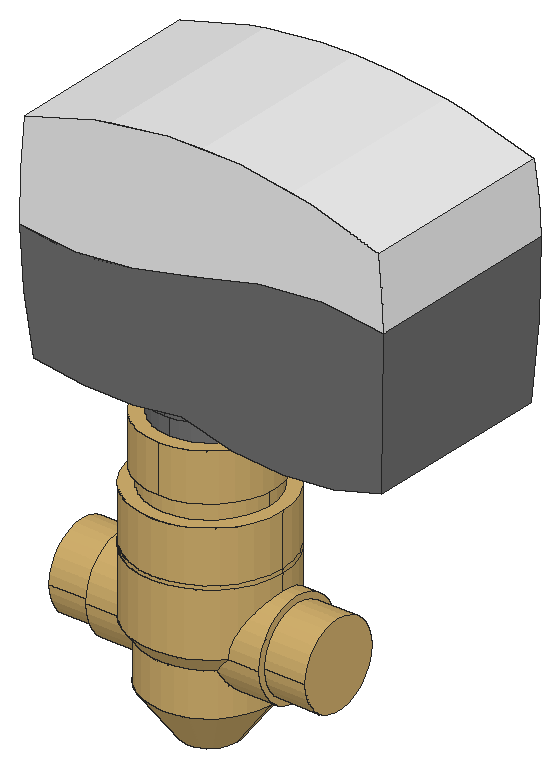
Revit family "VZ2_DN15-20_AMV(E) 130_140 (X)_RFA_1", category Pipe Accessories, Revit 2019
Family settings
  Round Connector Dimension = Use Diameter
  Part Type = Valve - Breaks Into
  OmniClass Number = 23.65.55.17.17
  OmniClass Title = Adjusting/Controlling Valves for Gas Supplies
  Work Plane-Based = No
  Always vertical = Yes
  Cut with Voids When Loaded = No
  Shared = No
Parameters (values of type "VZ2_DN15_Kvs0.25_065Z5310")
  W = 49.9 mm  # constant formula
  Voltage = if(or(Actuator Type = [082H0050], Actuator Type = [082H8037], Actuator Type = [082H8039]), 230 V, 24 V)  # 24 V
  Power = if(or(Actuator Type = [082H8044], Actuator Type = [082H8045]), 1.3 VA, if(or(Actuator Type = [082H8065]), 1.5 VA, if(or(Actuator Type = [082H0050], Actuator Type = [082H8037], Actuator Type = [082H8039]), 8 VA, 1 VA)))  # 1.3 VA
  H4 = 11.5 mm
  H2 = 4 mm
  Weight = 0.38 kg
  Valve Body Material = Danfoss Brass (DZR)
  URL = "https://store.danfoss.com/en/Climate-Solutions-for-heating/Motorised-Control-Valves-/Globe-Valves/Valves-for-Terminal-%26-Zone/c/4107?q=%3Arelevance%3Adanfoss_producttypehierarchydesc%3A4d4ddb31d7eceed1eea2a37fdf8a7ce36db6f5f4&page=0&pageSize=10"
  Stroke = "5.5 mm"  # constant formula
  RB2 = 7 mm
  RB1 = 15.5 mm
  R4 = 18.5 mm
  R3 = 18.5 mm
  R2 = 12 mm
  R1 = 10.5 mm
  Pressure Drop [instance] = 0.0 bar
  Nominal Pressure = "PN 16"  # constant formula
  Model Type = "VZ2_DN15_Kvs0.25"
  Model = "065Z5310"
  Min Medium Temperature = "2°C"  # constant formula
  Max Operating Pressure = "1 bar"  # constant formula
  Max Medium Temperature = "120°C"  # constant formula
  Max Differential Pressure = "3.5 bar"
  Manufacturer = "Danfoss"  # constant formula
  LOD 350 = not(LOD 200)  # yes
  LOD 200 = no
  L1 = 10.5 mm
  L = 65 mm
  Kvs = 0.25 m³/h
  IfcExportType = "VZ2"  # constant formula
  IfcExportAs = "IfcValveType"  # constant formula
  Ha [instance] = 122.8 mm
  H3 = 30 mm
  H1 = 15 mm
  H [instance] = 149.3 mm
  Flow [instance] = 0.0 m³/h
  E1 = 17 mm
  Description = "Motorized Control Valve"  # constant formula
  D1 = R2 * 2  # 24 mm
  D = 15 mm
  Connection = "External Thread"  # constant formula
  Actuator Type = AMV(E) 130_140 (X)_RFA : AME 130_24V_1.5m_082H8044
  082H8065 = AMV(E) 130_140 (X)_RFA : AME 140 X_24V_1.5m_082H8065
  082H8045 = AMV(E) 130_140 (X)_RFA : AME 140_24V_1.5m_082H8045
  082H8044 = AMV(E) 130_140 (X)_RFA : AME 130_24V_1.5m_082H8044
  082H8039 = AMV(E) 130_140 (X)_RFA : AMV 140_230V_1.5m_082H8039
  082H8037 = AMV(E) 130_140 (X)_RFA : AMV 130_230V_1.5m_082H8037
  082H0050 = AMV(E) 130_140 (X)_RFA : AMV 130_230V_0.5m_IP_082H0050
Types (9, lengths in mm): name | H4 | H2 | Weight | RB2 | R4 | R2 | R1 | Model Type | Model | Max Differential Pressure | L1 | L | Kvs | Ha | H1 | H | E1 | D1 | D
  (no name) | 11.5 | 4 | 0.38 kg | 7 | 18.5 | 12 | 10.5 | "VZ2_DN15_Kvs0.25" | "065Z5310" | "3.5 bar" | 10.5 | 65 | 0.25 m³/h | 122.8 | 15 | 149.3 | 17 | 24 | 15
  VZ2_DN15_Kvs0.4_065Z5311 | 11.5 | 4 | 0.38 kg | 7 | 18.5 | 12 | 10.5 | "VZ2_DN15_Kvs0.4" | "065Z5311" | "3.5 bar" | 10.5 | 65 | 0.4 m³/h | 124.6 | 15 | 151.1 | 17 | 24 | 15
  VZ2_DN15_Kvs0.63_065Z5312 | 11.5 | 4 | 0.38 kg | 7 | 18.5 | 12 | 10.5 | "VZ2_DN15_Kvs0.63" | "065Z5312" | "3.5 bar" | 10.5 | 65 | 0.63 m³/h | 124.6 | 15 | 151.1 | 17 | 24 | 15
  VZ2_DN15_Kvs1.6_065Z5314 | 11.5 | 4 | 0.38 kg | 7 | 18.5 | 12 | 10.5 | "VZ2_DN15_Kvs1.6" | "065Z5314" | "3.5 bar" | 10.5 | 65 | 1.6 m³/h | 124.6 | 15 | 151.1 | 17 | 24 | 15
  VZ2_DN15_Kvs2.5_065Z5315 | 11.5 | 4 | 0.38 kg | 7 | 18.5 | 12 | 10.5 | "VZ2_DN15_Kvs2.5" | "065Z5315" | "3.5 bar" | 10.5 | 65 | 2.5 m³/h | 124.6 | 15 | 151.1 | 17 | 24 | 15
  VZ2_DN15_Kvs0.25_065Z5310 | 11.5 | 4 | 0.38 kg | 7 | 18.5 | 12 | 10.5 | "VZ2_DN15_Kvs0.25" | "065Z5310" | "3.5 bar" | 10.5 | 65 | 0.25 m³/h | 122.8 | 15 | 149.3 | 17 | 24 | 15
  VZ2_DN15_Kvs1.0_065Z5313 | 11.5 | 4 | 0.38 kg | 7 | 18.5 | 12 | 10.5 | "VZ2_DN15_Kvs1.0" | "065Z5313" | "3.5 bar" | 10.5 | 65 | 1.0 m³/h | 124.6 | 15 | 151.1 | 17 | 24 | 15
  VZ2_DN20_Kvs4.0_065Z5321 | 5.5 | 8.8 | 0.49 kg | 10 | 22.1 | 17.5 | 13.2 | "VZ2_DN20_Kvs4.0" | "065Z5321" | "2.5 bar" | 11.5 | 77 | 4.0 m³/h | 124.6 | 21 | 151.1 | 21 | 35 | 20
  VZ2_DN20_Kvs2.5_065Z5320 | 5.5 | 8.8 | 0.49 kg | 10 | 22.067 | 17.5 | 13.2 | "VZ2_DN20_Kvs2.5" | "065Z5320" | "2.5 bar" | 11.5 | 77 | 2.5 m³/h | 124.6 | 21 | 151.1 | 21 | 35 | 20
Reference planes
  plane 1 "Center (Front/Back)": y = 0
  plane 2: z = 0
  plane 3 "Center (Left/Right)": x = 0
  plane 4: z = -15
  plane 5: x = -32.5
  plane 6: x = 32.5
  plane 7: x = -22
  plane 8: x = 22
  plane 9: z = 30
  plane 10: z = 40
  plane 11: z = -26.5
  plane 12: z = 16
  plane 13: z = -4
  plane 14: y = -24.95
  plane 15: y = 24.95
Forms (mm)
  Extrusion 1, solid, material "Danfoss Brass (DZR)" <- "Valve Body Material", visible <- "LOD 350", detail levels fine
    sketch origin (0, 0, 0) x (0, 1, 0) y (0, 0, 1)
      loop
        circle (0, 0) r 10.5
    from 22 to 32.5
  Extrusion 2, solid, material "Danfoss Brass (DZR)" <- "Valve Body Material", visible <- "LOD 350", detail levels fine
    sketch origin (0, 0, 0) x (0, 1, 0) y (0, 0, 1)
      loop
        circle (0, 0) r 10.5
    from -32.5 to -22
  Extrusion 3, solid, material "Danfoss Brass (DZR)" <- "Valve Body Material", visible <- "LOD 350", detail levels fine
    sketch origin (0, 0, 0) x (0, 1, 0) y (0, 0, 1)
      loop
        circle (0, 0) r 12
    from -22 to 22
  Extrusion 4, solid, material "Danfoss Brass (DZR)" <- "Valve Body Material", visible <- "LOD 350", detail levels fine
    sketch origin (0, 0, 0) x (1, 0, 0) y (0, 1, 0)
      loop
        circle (0, 0) r 15.5
    from -15 to -4
  Extrusion 5, solid, material "Danfoss Brass (DZR)" <- "Valve Body Material", visible <- "LOD 350", detail levels fine
    sketch origin (0, 0, 0) x (1, 0, 0) y (0, 1, 0)
      loop
        circle (0, 0) r 18.5
    from 17 <- "E1" to 30
  Extrusion 6, solid, material "Danfoss Brass (DZR)" <- "Valve Body Material", visible <- "LOD 200", detail levels fine
    sketch origin (0, 0, 0) x (0, 1, 0) y (0, 0, 1)
      loop
        circle (0, 0) r 12
    from -32.5 to 32.5
  Extrusion 7, solid, material "Danfoss Brass (DZR)" <- "Valve Body Material", visible <- "LOD 200", detail levels fine
    sketch origin (0, 0, 0) x (1, 0, 0) y (0, 1, 0)
      loop
        circle (0, 0) r 18.5
    from -15 to 40
  Blend 8, solid, material "Danfoss Brass (DZR)" <- "Valve Body Material", detail levels fine
    base sketch origin (0, 0, 0) x (1, 0, 0) y (0, 1, 0)
      loop
        circle (0, 0) r 15.5
    top sketch origin (0, 0, 0) x (1, 0, 0) y (0, 1, 0)
      loop
        circle (0, 0) r 7
    from -15 to -26.5
  Extrusion 9, solid, material "Danfoss Brass (DZR)" <- "Valve Body Material", visible <- "LOD 350", detail levels fine
    sketch origin (0, 0, 0) x (1, 0, 0) y (0, 1, 0)
      loop
        circle (0, 0) r 18.5
    from 0 to 16
  Blend 10, solid, material "Danfoss Brass (DZR)" <- "Valve Body Material", visible <- "LOD 350", detail levels fine
    base sketch origin (0, 0, 0) x (1, 0, 0) y (0, 1, 0)
      loop
        circle (0, 0) r 18.5
    top sketch origin (0, 0, 0) x (1, 0, 0) y (0, 1, 0)
      loop
        circle (0, 0) r 18.5
    from 16 to 17 <- "E1"
  Blend 11, solid, material "Danfoss Brass (DZR)" <- "Valve Body Material", visible <- "LOD 350", detail levels fine
    base sketch origin (0, 0, 0) x (1, 0, 0) y (0, 1, 0)
      loop
        circle (0, 0) r 15.5
    top sketch origin (0, 0, 0) x (1, 0, 0) y (0, 1, 0)
      loop
        circle (0, 0) r 18.5
    from -4 to 0
  Revolve 12, solid, material "Danfoss Brass (DZR)" <- "Valve Body Material", visible <- "LOD 350", detail levels fine
    sketch origin (0, 0, 0) x (1, 0, 0) y (0, 0, 1)
      loop
        line (0, 40) -> (0, 30) -> (15, 30) -> (15, 40) -> (0, 40)
      axis (0, 30) -> (0, 40)
    angle from 0 to 360
Dimensions and locks
  "H1": level to plane 4
  "H3": plane 9 to level
  "L": plane 6 to plane 5
  "L1": plane 7 to plane 5
  "L1": plane 6 to plane 8
  equal spacing: plane 6, plane 3 "Center (Left/Right)", plane 5
  locked: plane 10 to plane 9 at 10
  "H4": plane 4 to plane 11
  "H2": level to plane 13
  level to plane 11 = 26.5 mm
  Revolve 12 sketch curve to Revolve 12 sketch curve = 15 mm
  locked: plane 12 to level at 16
  equal spacing: plane 14, plane 1 "Center (Front/Back)", plane 15
  "W": plane 14 to plane 15
  locked: plane 10 to nested 2 at 5.6
  "Ha": nested 2 to plane 2
  "H": nested 2 to plane 11
  "R1": radius of Extrusion 1 sketch curve
  "R1": radius of Extrusion 2 sketch curve
  "R2": radius of Extrusion 3 sketch curve
  "RB1": radius of Extrusion 4 sketch curve
  "R3": radius of Extrusion 5 sketch curve
  "R2": radius of Extrusion 6 sketch curve
  "R3": radius of Extrusion 7 sketch curve
  "RB1": radius of Blend 8 sketch curve
  "RB2": radius of Blend 8 sketch curve
  "R4": radius of Extrusion 9 sketch curve
  "R4": radius of Blend 10 sketch curve
  "R3": radius of Blend 10 sketch curve
  "RB1": radius of Blend 11 sketch curve
  "R4": radius of Blend 11 sketch curve
  aligned and locked: level to plane 2
  aligned and locked: plane 1 "Center (Front/Back)" to Extrusion 1 sketch curve
  aligned and locked: level to Extrusion 1 sketch curve
  aligned and locked: plane 6 to Extrusion 1
  aligned and locked: Extrusion 1 to plane 8
  aligned and locked: plane 1 "Center (Front/Back)" to Extrusion 2 sketch curve
  aligned and locked: level to Extrusion 2 sketch curve
  aligned and locked: Extrusion 2 to plane 5
  aligned and locked: plane 7 to Extrusion 2
  aligned and locked: plane 1 "Center (Front/Back)" to Extrusion 3 sketch curve
  aligned and locked: level to Extrusion 3 sketch curve
  aligned and locked: Extrusion 3 to plane 7
  aligned and locked: plane 8 to Extrusion 3
  aligned and locked: plane 3 "Center (Left/Right)" to Extrusion 4 sketch curve
  aligned and locked: plane 1 "Center (Front/Back)" to Extrusion 4 sketch curve
  aligned and locked: Extrusion 4 to plane 4
  aligned and locked: plane 3 "Center (Left/Right)" to Extrusion 5 sketch curve
  aligned and locked: plane 1 "Center (Front/Back)" to Extrusion 5 sketch curve
  aligned and locked: plane 9 to Extrusion 5
  aligned and locked: plane 1 "Center (Front/Back)" to Extrusion 6 sketch curve
  aligned and locked: level to Extrusion 6 sketch curve
  aligned and locked: Extrusion 6 to plane 5
  aligned and locked: plane 6 to Extrusion 6
  aligned and locked: plane 3 "Center (Left/Right)" to Extrusion 7 sketch curve
  aligned and locked: plane 1 "Center (Front/Back)" to Extrusion 7 sketch curve
  aligned and locked: Extrusion 7 to plane 4
  aligned and locked: plane 10 to Extrusion 7
  aligned and locked: plane 3 "Center (Left/Right)" to nested 1
  aligned and locked: plane 1 "Center (Front/Back)" to nested 1
  aligned and locked: plane 4 to Blend 8
  aligned and locked: Blend 8 to plane 11
  aligned and locked: plane 12 to Extrusion 9
  aligned and locked: Blend 10 to plane 12
  aligned and locked: level to Blend 11
  aligned and locked: Blend 11 to plane 13
  aligned and locked: plane 13 to Extrusion 4
  aligned and locked: Revolve 12 sketch curve to plane 3 "Center (Left/Right)"
  aligned and locked: Revolve 12 sketch curve to plane 10
  aligned and locked: Revolve 12 sketch curve to plane 9
  aligned and locked: Extrusion 9 to Revolve 12 sketch curve
  aligned and locked: plane 3 "Center (Left/Right)" to Revolve 12 sketch curve
  aligned and locked: nested 2 to plane 1 "Center (Front/Back)"
Automatic sketch dimensions
  plane 10 to Revolve 12 sketch curve = 4.73 mm
  plane 1 "Center (Front/Back)" to Blend 8 sketch curve = 0 mm  (x2)
  Blend 8 sketch curve to plane 3 "Center (Left/Right)" = 0 mm  (x2)
  plane 1 "Center (Front/Back)" to Extrusion 9 sketch curve = 0 mm
  Extrusion 9 sketch curve to plane 3 "Center (Left/Right)" = 0 mm
  plane 1 "Center (Front/Back)" to Blend 10 sketch curve = 0 mm  (x2)
  Blend 10 sketch curve to plane 3 "Center (Left/Right)" = 0 mm  (x2)
  plane 1 "Center (Front/Back)" to Blend 11 sketch curve = 0 mm  (x2)
  Blend 11 sketch curve to plane 3 "Center (Left/Right)" = 0 mm  (x2)
Nested families
  nested 1: "Schematic_2-Way Valve" at (0, 0, 0), type "Schematic_2-Way Valve", detail levels coarse+medium
  nested 2: "AMV(E) 130_140 (X)_RFA" at (0, 0, 34.4) x (0, 1, 0) z (0, 0, 1), LOD 200 <- "LOD 200", Voltage <- "Voltage", Power <- "Power", type <- "Actuator Type", type "AME 130_24V_1.5m_082H8044", detail levels fine
    with Voltage 24 V, Power 1.3 VA, LOD 350 yes, LOD 200 no
Connectors
  piping at (32.5, 0, 0), diameter 15, driven by "D", driven by "Flow"
    settings: on Extrusion 1, index 1, connector inside diameter 609.6 mm, connector length 0 mm, flow factor 0, pipe flow 0.0 m³/h, pressure drop 0.0 bar, fitting loss kfactor 0, connector angle 0.00°, fixture units 0, engagement length 0 mm, angle of deflection 0.00°, flow configuration 0, flow direction 2, fitting loss method 0, system type 29, joint type 0, gender type 0, connector reference index 2, connector utility 0, adjustable connector no, is connector primary no, connector description ""
  piping at (-32.5, 0, 0), diameter 15, driven by "D", driven by "Flow"
    settings: on Extrusion 2, index 2, connector inside diameter 609.6 mm, connector length 0 mm, flow factor 0, pipe flow 0.0 m³/h, pressure drop 0.0 bar, fitting loss kfactor 0, connector angle 0.00°, fixture units 0, engagement length 0 mm, angle of deflection 0.00°, flow configuration 0, flow direction 1, fitting loss method 0, system type 29, joint type 0, gender type 0, connector reference index 1, connector utility 0, adjustable connector no, is connector primary yes, connector description ""
  electrical at (0, 0, 0), driven by "Voltage", driven by "Power"
    settings: index 6, voltage 24 V, apparent load 0 VA, apparent load phase1 1.3 VA, apparent load phase2 0 VA, apparent load phase3 0 VA, power factor 0.95, load classification "HVAC", number of poles 1, system type 31, power factor state 1, is connector primary yes, connector utility no, sub classification motor no, connector description ""
Definition of nested family "AMV(E) 130_140 (X)_RFA"
  Parameters (values of type "AME 130_24V_1.5m_082H8044")
    Weight = 0.30 kg  # constant formula
    W3 = 28.8 mm
    W2 = 26 mm
    W1 = 33 mm
    W [instance] = 50 mm
    Voltage [instance] = 24 V
    URL = "https://store.danfoss.com/en/Climate-Solutions-for-heating/Motorised-Control-Valves/Actuators-for-Globe-Valves/Actuators-Without-Safety-Function/c/4109?q=%3Arelevance%3Adanfoss_producttypehierarchydesc%3AAME+130%3Adanfoss_producttypehierarchydesc%3AAME+140%3Adanfoss_producttypehierarchydesc%3AAMV+130%3Adanfoss_producttypehierarchydesc%3AAMV+140%3Adanfoss_producttypehierarchydesc%3AAME+140+X&text="
    Type Comments = ""
    Speed = "24 s/mm"
    Safety Function = "No"  # constant formula
    Power Supply = "24 V"
    Power Consumption = "1.3 W"
    Power [instance] = 1.3 VA
    Output Signal = "NA"
    Model Type = "AME 130_24V_1.5m"
    Model = "082H8044"
    Min Ambient Temperature = "0 °C"  # constant formula
    Max Stroke = 5.5 mm  # constant formula
    Max Medium Temperature = "130 °C"  # constant formula
    Max Ambient Temperature = "55 °C"  # constant formula
    Manufacturer = "Danfoss"  # constant formula
    LOD 350 [instance] = not(LOD 200)  # yes
    LOD 200 [instance] = no
    L1 = 28.4 mm
    L [instance] = 92.4 mm
    IfcExportType = "AME 130"
    IfcExportAs = "IfcActuatorType"  # constant formula
    H1 = 12 mm
    H [instance] = 88.4 mm
    Description = "Gear Actuator"  # constant formula
    Control Input Signal = "0-10 V / 0-20 mA"
    Closing Force = "200 N"  # constant formula
    Cable Length = 1500 mm
    Body Material = none
  Types (12, lengths in mm): name | Voltage | Speed | Power Supply | Power Consumption | Power | Output Signal | Model Type | Model | IfcExportType | Control Input Signal | Cable Length
    AME 130_24V_1.5m_082H8044 | 24 V | "24 s/mm" | "24 V" | "1.3 W" | 1.3 VA | "NA" | "AME 130_24V_1.5m" | "082H8044" | "AME 130" | "0-10 V / 0-20 mA" | 1500
    AME 140_24V_1.5m_082H8045 | 24 V | "12 s/mm" | "24 V" | "1.3 W" | 1.3 VA | "NA" | "AME 140_24V_1.5m" | "082H8045" | "AME 140" | "0-10 V / 0-20 mA" | 1500
    AMV 130_230V_0.5m_IP_082H0050 | 230 V | "24 s/mm" | "230 V" | "8 W" | 8 VA | "NA" | "AMV 130_230V_0.5m_IP" | "082H0050" | "AMV 130" | "3-point" | 500
    AMV 130_24V_1.5m_082H8036 | 24 V | "24 s/mm" | "24 V" | "1 W" | 1 VA | "NA" | "AMV 130_24V_1.5m" | "082H8036" | "AMV 130" | "3-point" | 1500
    AMV 130_230V_1.5m_082H8037 | 230 V | "24 s/mm" | "230 V" | "8 W" | 8 VA | "NA" | "AMV 130_230V_1.5m" | "082H8037" | "AMV 130" | "3-point" | 1500
    AMV 130_24V_5m_082H8068 | 24 V | "24 s/mm" | "24 V" | "1 W" | 1 VA | "NA" | "AMV 130_24V_5m" | "082H8068" | "AMV 130" | "3-point" | 5000
    AMV 130_24V_10m_082H8070 | 24 V | "24 s/mm" | "24 V" | "1 W" | 1 VA | "NA" | "AMV 130_24V_10m" | "082H8070" | "AMV 130" | "3-point" | 10000
    AMV 140_24V_1.5m_082H8038 | 24 V | "12 s/mm" | "24 V" | "1 W" | 1 VA | "NA" | "AMV 140_24V_1.5m" | "082H8038" | "AMV 140" | "3-point" | 1500
    AMV 140_230V_1.5m_082H8039 | 230 V | "12 s/mm" | "230 V" | "8 W" | 8 VA | "NA" | "AMV 140_230V_1.5m" | "082H8039" | "AMV 140" | "3-point" | 1500
    AMV 140_24V_5m_082H8069 | 24 V | "12 s/mm" | "24 V" | "1 W" | 1 VA | "NA" | "AMV 140_24V_5m" | "082H8069" | "AMV 140" | "3-point" | 5000
    AMV 140_24V_10m_082H8071 | 24 V | "12 s/mm" | "24 V" | "1 W" | 1 VA | "NA" | "AMV 140_24V_10m" | "082H8071" | "AMV 140" | "3-point" | 10000
    AME 140 X_24V_1.5m_082H8065 | 24 V | "12 s/mm" | "24 V" | "1.5 W" | 1.5 VA | "0-10 V" | "AME 140 X_24V_1.5m" | "082H8065" | "AME 140 X" | "0-10 V / 0-20 mA" | 1500
  Reference planes
    plane 1 "Center (Front/Back)": y = 0
    plane 2: z = 0
    plane 3 "Center (Left/Right)": x = 0
    plane 4: z = 12
    plane 5: y = -64
    plane 6: y = 28.4
    plane 7: z = 88.4
    plane 8: x = 25
    plane 9: x = -25
    plane 10: x = -16.5
    plane 11: x = 16.5
    plane 12: z = 32
    plane 13: x = -13
    plane 14: x = 13
    plane 15: x = -14.4
    plane 16: x = 14.4
    plane 17 "Plane Bottom": z = 17.2
    plane 18: y = 25.9
    plane 19: y = 27.4
    plane 20: z = 80.4
    plane 21: y = -62.5
    plane 22: z = 23.2
    plane 23: z = 25.4
    plane 24: z = 55.5
    plane 25: z = 63
    plane 26: z = 64.5
    plane 27: z = 54
    plane 28: z = 20.7
    plane 29: y = -26
    plane 30: y = -38.5
    plane 31: z = 86.9
    plane 32: x = -24.5
    plane 33: x = 24.5
    plane 34: x = -23.5
    plane 35: x = 23.5
    plane 36: x = -27
    plane 37: x = 27
    plane 38: y = 27.9
    plane 39: x = -22.5
    plane 40: y = -63.5
    plane 41: x = 22.5
  Forms (mm)
    Extrusion 1, solid, detail levels fine
      sketch origin (0, 0, 0) x (1, 0, 0) y (0, 1, 0)
        loop
          circle (0, 0) r 16.5
      from 0 to 12
    Revolve 2, solid, visible <- "LOD 350", detail levels fine
      sketch origin (0, 0, 0) x (1, 0, 0) y (0, 0, 1)
        loop
          line (-14.4, 17.2) -> (-13, 17.2) -> (-13, 12) -> (0, 12) -> (0, 32) -> (-14.4, 32) -> (-14.4, 17.2)
        axis (0, 32) -> (0, 12)
      angle from 0 to 360
    Extrusion 3, solid, visible <- "LOD 350", detail levels fine
      sketch origin (0, 0, 0) x (0, 1, 0) y (0, 0, 1)
        loop
          arc (-64, 63) -> (-63.628, 44.185) -> (-62.5, 25.4) r 467.805
          arc (-62.5, 25.4) -> (-37.155, 20.685) -> (-11.757, 25.101) r 72.777
          arc (-11.757, 25.101) -> (7.088, 23.201) -> (25.9, 25.4) r 87.494
          arc (25.9, 25.4) -> (27.789, 40.397) -> (28.4, 55.5) r 178.069
          arc (28.4, 55.5) -> (14.2, 54) -> (0, 55.5) r 67.953
          arc (0, 55.5) -> (-16.037, 59.092) -> (-31.999, 63) r 834.074
          arc (-31.999, 63) -> (-48, 64.5) -> (-64, 63) r 86.072
      from -27 to 27
    Extrusion 4, solid, material <- "Body Material", visible <- "LOD 350", detail levels fine
      sketch origin (0, 0, 0) x (0, 1, 0) y (0, 0, 1)
        loop
          arc (-62.5, 80.4) -> (-63.467, 71.719) -> (-64, 63) r 175.37
          arc (-64, 63) -> (-48, 64.5) -> (-31.999, 63) r 86.072
          arc (-31.999, 63) -> (-16.037, 59.092) -> (0, 55.5) r 834.074
          arc (0, 55.5) -> (14.2, 54) -> (28.4, 55.5) r 67.953
          arc (28.4, 55.5) -> (28.204, 67.962) -> (27.4, 80.4) r 255.314
          arc (27.4, 80.4) -> (-17.55, 88.505) -> (-62.5, 80.4) r 128.693
      from -27 to 27
    Extrusion 5, solid, visible <- "LOD 350", detail levels fine
      sketch origin (0, 0, 17.2) x (-1, 0, 0) y (0, -1, 0)
        loop
          line (-2.173, 26) -> (-2.173, 38.5) -> (-9.373, 38.5) -> (-9.373, 26) -> (-2.173, 26)
      from 0 to 8.2
    Extrusion 6, void
      sketch origin (0, 0, 0) x (1, 0, 0) y (0, 0, 1)
        loop
          line (-24.358, 89.4) -> (24.197, 89.4)
          arc (24.197, 89.4) -> (24.826, 53.28) -> (23.013, 17.2) r 534.228
          line (23.013, 17.2) -> (29.5, 17.2) -> (29.5, 93.4) -> (-30, 93.4) -> (-30, 17.2) -> (-23.022, 17.2)
          arc (-23.022, 17.2) -> (-24.911, 53.277) -> (-24.358, 89.4) r 534.166
      from -39.301 to 75.38
    Revolve 7, solid, visible <- "LOD 200", detail levels fine
      sketch origin (0, 0, 0) x (1, 0, 0) y (0, 0, 1)
        loop
          line (-13, 12) -> (0, 12) -> (0, 32) -> (-13, 32) -> (-13, 12)
        axis (0, 12) -> (0, 32)
      angle from 0 to 360
    Blend 8, solid, visible <- "LOD 200", detail levels fine
      base sketch origin (0, 0, 0) x (1, 0, 0) y (0, 1, 0)
        loop
          line (-23.667, -62.5) -> (23.5, -62.5) -> (23.5, 25.9) -> (-23.667, 25.9) -> (-23.667, -62.5)
      top sketch origin (0, 0, 0) x (1, 0, 0) y (0, 1, 0)
        loop
          line (-24.948, 28.4) -> (-24.948, -64) -> (24.898, -64) -> (24.898, 28.4) -> (-24.948, 28.4)
      from 25.4 to 63
    Blend 9, solid, material <- "Body Material", visible <- "LOD 200", detail levels fine
      base sketch origin (0, 0, 0) x (1, 0, 0) y (0, 1, 0)
        loop
          line (-24.948, 28.4) -> (-24.948, -64) -> (24.898, -64) -> (24.898, 28.4) -> (-24.948, 28.4)
      top sketch origin (0, 0, 0) x (1, 0, 0) y (0, 1, 0)
        loop
          line (-24.724, 27.4) -> (-24.724, -62.5) -> (24.582, -62.5) -> (24.582, 27.4) -> (-24.724, 27.4)
      from 63 to 88.4
  Cuts and joins
    Extrusion 6 cuts Extrusion 3
    Extrusion 6 cuts Extrusion 4
  Dimensions and locks
    plane 5 to plane 6 = 92.4 mm
    equal spacing: plane 8, plane 3 "Center (Left/Right)", plane 9
    "W": plane 8 to plane 9
    plane 7 to level = 88.4 mm
    "H1": plane 4 to level
    equal spacing: plane 11, plane 3 "Center (Left/Right)", plane 10
    "W1": plane 11 to plane 10
    equal spacing: plane 14, plane 3 "Center (Left/Right)", plane 13
    "W2": plane 14 to plane 13
    equal spacing: plane 16, plane 3 "Center (Left/Right)", plane 15
    "W3": plane 16 to plane 15
    "L1": plane 1 "Center (Front/Back)" to plane 6
    plane 12 to level = 32 mm
    plane 17 "Plane Bottom" to plane 4 = 5.2 mm
    plane 17 "Plane Bottom" to level = 17.2 mm
    Extrusion 5 sketch curve to Extrusion 5 sketch curve = 7.2 mm
    plane 37 to plane 3 "Center (Left/Right)" to plane 36 = 27 mm, 27 mm
    "L": plane 6 to plane 5
    "H": plane 7 to level
    diameter of Extrusion 1 sketch curve = 33 mm
    aligned and locked: level to plane 2
    aligned and locked: plane 4 to Extrusion 1
    aligned and locked: plane 15 to Revolve 2 sketch curve
    aligned and locked: Revolve 2 sketch curve to plane 12
    aligned and locked: Revolve 2 sketch curve to plane 17 "Plane Bottom"
    aligned and locked: Revolve 2 sketch curve to plane 13
    aligned and locked: Revolve 2 sketch curve to plane 4
    aligned and locked: plane 3 "Center (Left/Right)" to Revolve 2 sketch curve
    aligned and locked: Revolve 2 sketch curve to Revolve 2 sketch curve
    aligned and locked: Extrusion 5 sketch curve to plane 30
    aligned and locked: plane 29 to Extrusion 5 sketch curve
    aligned and locked: plane 23 to Extrusion 5
    aligned and locked: Extrusion 4 to plane 36
    aligned and locked: plane 37 to Extrusion 4
    aligned and locked: Extrusion 6 sketch curve to plane 17 "Plane Bottom"
    aligned and locked: Revolve 7 sketch curve to plane 4
    aligned and locked: Revolve 7 sketch curve to plane 13
    aligned and locked: Revolve 7 sketch curve to plane 3 "Center (Left/Right)"
    aligned and locked: Revolve 7 sketch curve to plane 12
    aligned and locked: Revolve 7 sketch curve to Revolve 7 sketch curve  (x2)
    aligned and locked: Blend 8 sketch curve to cut or joined group of Extrusion 3, Extrusion 6  (x4)
    aligned and locked: Blend 8 sketch curve to plane 18
    aligned and locked: Blend 8 sketch curve to plane 35
    aligned and locked: Blend 8 to plane 23
    aligned and locked: plane 25 to Blend 8
    aligned and locked: Blend 9 sketch curve to Blend 8  (x4)
    aligned and locked: Blend 9 sketch curve to cut or joined group of Extrusion 4, Extrusion 6  (x4)
    aligned and locked: Blend 9 to plane 25
    aligned and locked: plane 7 to Blend 9
  Automatic sketch dimensions
    plane 1 "Center (Front/Back)" to Extrusion 1 sketch curve = 0 mm
    Extrusion 1 sketch curve to plane 3 "Center (Left/Right)" = 0 mm
    Revolve 2 sketch curve to plane 4 = 0 mm
    Revolve 2 sketch curve to plane 12 = 0 mm
    Extrusion 3 sketch curve to plane 5 = 0 mm
    Extrusion 3 sketch curve to plane 21 = 0 mm
    Extrusion 3 sketch curve to plane 25 = 0 mm  (x2)
    Extrusion 3 sketch curve to plane 1 "Center (Front/Back)" = 0 mm  (x2)
    Extrusion 3 sketch curve to plane 18 = 0 mm
    Extrusion 3 sketch curve to plane 6 = 0 mm
    Extrusion 3 sketch curve to plane 23 = 0 mm  (x2)
    Extrusion 3 sketch curve to plane 24 = 0 mm  (x2)
    Extrusion 3 sketch curve to plane 24 = 0.364 mm
    Extrusion 3 sketch curve to plane 21 = 14.5 mm
    plane 7 to Extrusion 3 sketch curve = 5.06 mm
    Extrusion 3 sketch curve to plane 21 = 25.773 mm
    Extrusion 3 sketch curve to plane 1 "Center (Front/Back)" = 6.393 mm
    Extrusion 3 sketch curve to plane 6 = 145.895 mm
    Extrusion 3 sketch curve to plane 25 = 0.167 mm
    Extrusion 3 sketch curve to level = 21.572 mm
    Extrusion 3 sketch curve to Extrusion 3 sketch curve = 11.261 mm
    Extrusion 4 sketch curve to plane 5 = 0 mm
    Extrusion 4 sketch curve to plane 20 = 0 mm  (x2)
    Extrusion 4 sketch curve to plane 21 = 0 mm
    Extrusion 4 sketch curve to plane 19 = 0 mm
    Extrusion 4 sketch curve to plane 6 = 0 mm
    Extrusion 4 sketch curve to plane 24 = 0 mm  (x2)
    Extrusion 4 sketch curve to plane 25 = 0 mm  (x2)
    plane 24 to Extrusion 4 sketch curve = 2.217 mm
    plane 24 to Extrusion 4 sketch curve = 1.156 mm
    Extrusion 4 sketch curve to level = 40.188 mm
    Extrusion 4 sketch curve to plane 21 = 14.5 mm
    Extrusion 4 sketch curve to level = 21.572 mm
    Extrusion 4 sketch curve to plane 1 "Center (Front/Back)" = 0 mm  (x2)
    Extrusion 4 sketch curve to plane 6 = 145.895 mm
    plane 3 "Center (Left/Right)" to Extrusion 5 sketch curve = 2.173 mm
    plane 34 to Extrusion 6 sketch curve = 0.478 mm
    plane 35 to Extrusion 6 sketch curve = 0.487 mm
    Extrusion 6 sketch curve to plane 33 = 0.303 mm
    Extrusion 6 sketch curve to plane 25 = 0.963 mm
    plane 25 to Extrusion 6 sketch curve = 0.156 mm
    Extrusion 6 sketch curve to plane 28 = 3.5 mm
    plane 7 to Extrusion 6 sketch curve = 5 mm
    plane 8 to Extrusion 6 sketch curve = 4.5 mm
    Extrusion 6 sketch curve to plane 36 = 3 mm
    plane 32 to Extrusion 6 sketch curve = 0.142 mm
    plane 7 to Extrusion 6 sketch curve = 1 mm
    Revolve 7 sketch curve to plane 12 = 0 mm
    Blend 8 sketch curve to plane 5 = 0 mm
    Blend 8 sketch curve to plane 8 = 0.102 mm
Definition of nested family "Schematic_2-Way Valve"
  Parameters (values of type "Schematic_2-Way Valve")
    L_1 = L / 2  # 32.5 mm
    L = 65 mm
    H = L  # 65 mm
    D1 = 22 mm
  Reference planes
    plane 1 "Center (Front/Back)": y = 0
    plane 2: z = 0
    plane 3 "Center (Left/Right)": x = 0
    plane 4: z = 11
    plane 5: z = -11
    plane 6: x = -32.5
    plane 7: x = 32.5
    plane 8: x = 11
    plane 9: x = -11
    plane 10: y = 11
    plane 11: y = -11
    plane 12: z = 65
    plane 13: z = 32.5
    plane 14: x = 16.25
    plane 15: x = -16.25
    plane 16: y = 65
    plane 17: y = 32.5
  Lines and regions (mm)
    model lines
      curve 1: line (0, 0, 0) -> (32.5, 0, 11)
      curve 2: line (32.5, 0, 11) -> (32.5, 0, -11)
      curve 3: line (32.5, 0, -11) -> (0, 0, 0)
      curve 4: line (0, 0, 0) -> (-32.5, 0, 11)
      curve 5: line (-32.5, 0, 11) -> (-32.5, 0, -11)
      curve 6: line (-32.5, 0, -11) -> (0, 0, 0)
      curve 13: line (0, 0, 32.5) -> (0, 0, 0)
      curve 14: line (-16.25, 0, 65) -> (16.25, 0, 65)
      curve 15: line (-16.25, 0, 32.5) -> (-16.25, 0, 65)
      curve 16: line (16.25, 0, 32.5) -> (-16.25, 0, 32.5)
      curve 17: line (16.25, 0, 65) -> (16.25, 0, 32.5)
    symbolic lines
      curve 7: line (0, 0, 0) -> (32.5, 11, 0)
      curve 8: line (32.5, 11, 0) -> (32.5, -11, 0)
      curve 9: line (32.5, -11, 0) -> (0, 0, 0)
      curve 10: line (0, 0, 0) -> (-32.5, 11, 0)
      curve 11: line (-32.5, 11, 0) -> (-32.5, -11, 0)
      curve 12: line (-32.5, -11, 0) -> (0, 0, 0)
      curve 18: line (-16.25, 65, 0) -> (16.25, 65, 0)
      curve 19: line (-16.25, 32.5, 0) -> (-16.25, 65, 0)
      curve 20: line (16.25, 32.5, 0) -> (-16.25, 32.5, 0)
      curve 21: line (16.25, 65, 0) -> (16.25, 32.5, 0)
      curve 22: line (0, 0, 0) -> (0, 32.5, 0)
  Dimensions and locks
    "D1": plane 4 to plane 5
    equal spacing: plane 4, level, plane 5
    "D1": plane 8 to plane 9
    equal spacing: plane 8, plane 3 "Center (Left/Right)", plane 9
    plane 9 to plane 8 = 22 mm
    equal spacing: plane 9, plane 3 "Center (Left/Right)", plane 8
    "D1": plane 11 to plane 10
    equal spacing: plane 11, plane 1 "Center (Front/Back)", plane 10
    "L_1": plane 12 to plane 13
    "H": plane 12 to level
    "L_1": plane 14 to plane 15
    equal spacing: plane 14, plane 3 "Center (Left/Right)", plane 15
    "H": plane 1 "Center (Front/Back)" to plane 16
    "L_1": plane 17 to plane 16
    equal spacing: plane 15, plane 3 "Center (Left/Right)", plane 14
    plane 15 to plane 14 = 32.5 mm
    equal spacing: plane 7, plane 3 "Center (Left/Right)", plane 6
    "L": plane 7 to plane 6
    aligned and locked: level to plane 2
    aligned and locked: curve 2 to plane 7
    aligned and locked: curve 5 to plane 6
    aligned and locked: level to curve 13
    aligned and locked: curve 14 to plane 12
    aligned and locked: plane 15 to curve 15
    aligned and locked: curve 17 to plane 14
    aligned and locked: plane 17 to curve 22
    aligned and locked: plane 13 to curve 13
  Automatic sketch dimensions
    curve 10 to plane 6 = 0 mm
    curve 20 to plane 15 = 0 mm
    plane 1 "Center (Front/Back)" to curve 12 = 0 mm
    curve 12 to plane 3 "Center (Left/Right)" = 0 mm
    curve 18 to plane 14 = 0 mm
    curve 9 to plane 7 = 0 mm
    plane 11 to curve 9 = 0 mm
    plane 11 to curve 12 = 0 mm
    plane 10 to curve 10 = 0 mm
    plane 10 to curve 8 = 0 mm
    plane 16 to curve 18 = 0 mm
    curve 3 to plane 3 "Center (Left/Right)" = 0 mm
    curve 3 to plane 5 = 0 mm
    curve 6 to plane 5 = 0 mm
    curve 2 to plane 4 = 0 mm
    curve 4 to plane 4 = 0 mm
